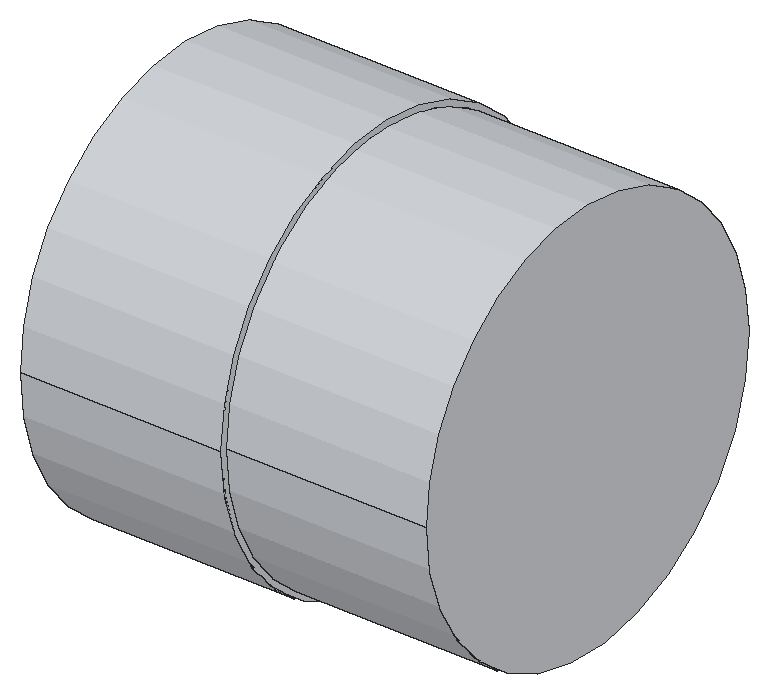
Revit family "Acoplamento - PVC - PW", category Conexões de tubo, Revit 2019
Family settings
  Cota do conector redondo = Usar raio
  Tipo de parte = União
  Com base no plano de trabalho = Não
  Sempre na vertical = Sim
  Corte com vazios quando carregada = Não
  Compartilhado = Não
Parameters (values of type "Padrão")
  Tamanho da marca de revisão [instance] = Diâmetro externo da conexão 1 * 0.4  # 36.2 mm
  Diâmetro nominal [instance] = Raio nominal * 2  # 88 mm
  Model = ""
  Manufacturer = ""
  Loss Method = (empty or 0)
  Nome da tabela de pesquisa = "BR_Coupling - PVC - PW"
  Comprimento [instance] = size_lookup(Nome da tabela de pesquisa, "Lgt", Diâmetro nominal, Diâmetro nominal)  # 88 mm
  K Coefficient Table = (empty or 0)
  Raio nominal [instance] = 44 mm
  Raio externo da conexão 2 [instance] = Diâmetro externo da conexão 2 / 2  # 44 mm
  Raio externo da conexão 1 [instance] = Diâmetro externo da conexão 1 / 2  # 45.25 mm
  Diâmetro externo da conexão 2 [instance] = Diâmetro nominal  # 88 mm
  Diâmetro externo da conexão 1 [instance] = size_lookup(Nome da tabela de pesquisa, "FOD", Diâmetro nominal + 2.50 mm, Diâmetro nominal)  # 90.5 mm
Reference planes
  plane 1 "Centro (Frente/Trás)": y = 0
  plane 2: z = 0
  plane 3 "Centro (Esquerda/Direita)": x = 0
  plane 4: y = 36.2
  plane 5: y = -36.2
Forms (mm)
  Sweep 1, solid, detail levels fine
    path in 3D
      loop
        line (-44, 0, 0) -> (0, 0, 0)
    profile origin (-22, 0, 0) x (0, 1, 0) y (0, 0, 1)
      loop
        circle (0, 0) r 45.25
  Sweep 2, solid, detail levels fine
    path in 3D
      loop
        line (0, 0, 0) -> (44, 0, 0)
    profile origin (22, 0, 0) x (0, 1, 0) y (0, 0, 1)
      loop
        circle (0, 0) r 44
Cuts and joins
  joined: Sweep 1, Sweep 2
Lines and regions (mm)
  model lines, detail levels coarse+medium
    curve 1: line (-44, 0, 0) -> (0, 0, 0)
    curve 2: line (0, 0, 0) -> (44, 0, 0)
    curve 3: line (-44, -36.2, 0) -> (-44, 36.2, 0)
    curve 4: line (44, -36.2, 0) -> (44, 36.2, 0)
  sketch lines
    curve 5: line (-44, 0, 0) -> (0, 0, 0)
    curve 6: line (0, 0, 0) -> (44, 0, 0)
Dimensions and locks
  equal spacing: plane 5, plane 1 "Centro (Frente/Trás)", plane 4
  "Tamanho da marca de revisão": plane 1 "Centro (Frente/Trás)" to plane 4
  equal spacing: curve 3, plane 3 "Centro (Esquerda/Direita)", curve 4
  "Comprimento": curve 3 to curve 4
  "Raio externo da conexão 1": radius of Sweep 1 sketch curve
  "Raio externo da conexão 2": radius of Sweep 2 sketch curve
  aligned and locked: level to plane 2
  aligned and locked: plane 5 to curve 4
  aligned and locked: plane 5 to curve 3
  aligned and locked: plane 4 to curve 4
  aligned and locked: plane 4 to curve 3
  aligned and locked: curve 3 to curve 1
  aligned and locked: curve 4 to curve 2
Automatic sketch dimensions
  plane 1 "Centro (Frente/Trás)" to curve 1 = 0.00 mm
  curve 2 to plane 3 "Centro (Esquerda/Direita)" = 0.00 mm
  Sweep 1 sketch curve to profile plane = 0.00 mm  (x2)
  Sweep 2 sketch curve to profile plane = 0.00 mm  (x2)
Connectors
  piping at (-44, 0, 0), diameter 88, driven by "Raio nominal"
    settings: on Sweep 1, index 1, connector inside diameter 88 mm, connector length 0.00 mm, flow factor 0, pipe flow 0.0 L/s, pressure drop 0.0 Pa, fitting loss kfactor 0, connector angle 0.00°, fixture units 0, engagement length 0.00 mm, angle of deflection 0.00°, flow configuration 0, flow direction 0, fitting loss method 0, system type 28, joint type 0, gender type 0, connector reference index 2, connector utility 0, adjustable connector no, is connector primary yes, connector description ""
  piping at (44, 0, 0), diameter 88, driven by "Raio nominal"
    settings: on Sweep 2, index 2, connector inside diameter 88 mm, connector length 0.00 mm, flow factor 0, pipe flow 0.0 L/s, pressure drop 0.0 Pa, fitting loss kfactor 0, connector angle 0.00°, fixture units 0, engagement length 0.00 mm, angle of deflection 0.00°, flow configuration 0, flow direction 0, fitting loss method 0, system type 28, joint type 0, gender type 0, connector reference index 1, connector utility 0, adjustable connector no, is connector primary no, connector description ""
